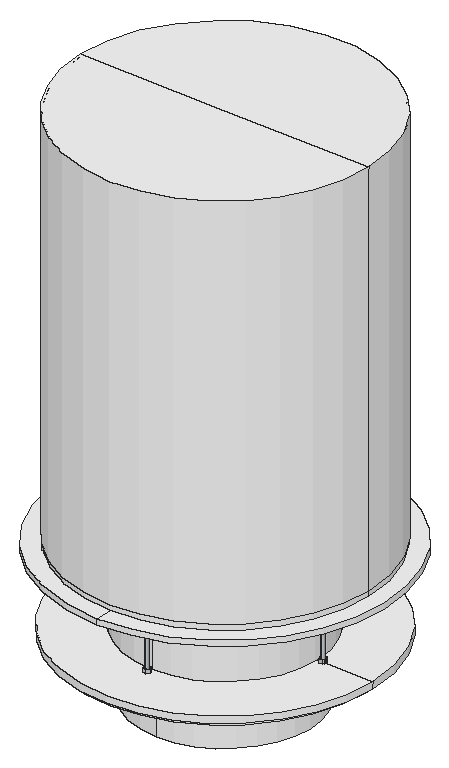
Revit family "R1200-JD-G18H-W31P-16.5L", category Plumbing Fixtures, host Face, Revit 2018
Family settings
  Host = Face
  Round Connector Dimension = Use Radius
  Part Type = Normal
  Cut with Voids When Loaded = No
  Shared = No
  Room Calculation Point = No
Parameters (values of type "R1208-JD-G18H-W31P-16.5L _8" Drain Pipe Size")
  WFU = 0
  URL = "WWW.MIFAB.COM"
  Pipe Radius = Pipe Diameter / 2  # 0' - 4"
  Pipe Diameter = 0' - 8"
  No Hub Standard Height = 0' - 6 1/2"
  Model = "R1208-JD-M-G5H"
  Manufacturer = "MIFAB"
  Floor Drain Material = Paint - Sherwin Williams Paint - #952C2A - Bellwood Red
  Description = "LARGE GREEN ROOF DRAIN WITH STAINLESS STEEL BALLAST GUARD AND PVC PERFORATED STANDPIPE"
  Default Elevation = 0' - 0"
  CWFU = 0
  Bottom Height = 0' - 3 1/2"
  Assembly Code = ""
Types (7): name | Pipe Radius | Pipe Diameter | No Hub Standard Height | Model
  (no name) | 0' - 4" | 0' - 8" | 0' - 6 1/2" | "R1208-JD-M-G5H"
  R1205,6-JD-G18H-W31P-16.5L_6" Drain Pipe Size | 0' - 3" | 0' - 6" | 0' - 6 1/2" | "R1205,6-JD-G18H-W31P-16.5L"
  R1208-JD-G18H-W31P-16.5L _8" Drain Pipe Size | 0' - 4" | 0' - 8" | 0' - 6 1/2" | "R1208-JD-M-G5H"
  R1205,6-JD-G18H-W31P-16.5L_5" Drain Pipe Size | 0' - 2 1/2" | 0' - 5" | 0' - 6 3/4" | "R1205,6-JD-G18H-W31P-16.5L"
  R1202,3,4-JD-G18H-W31P-16.5L_4" Drain Pipe Size | 0' - 2" | 0' - 4" | 0' - 6 1/2" | "R1202,3,4-JD-G18H-W31P-16.5L"
  R1202,3,4-JD-G18H-W31P-16.5L_3" Drain Pipe Size | 0' - 1 1/2" | 0' - 3" | 0' - 6 1/2" | "R1202,3,4-JD-G18H-W31P-16.5L"
  R1202,3,4-JD-G18H-W31P-16.5L _2" Drain Pipe Size | 0' - 1" | 0' - 2" | 0' - 6 1/2" | "R1202,3,4-JD-G18H-W31P-16.5L"
Reference planes (in)
  plane 1 "Center (Front/Back)": y = 0
  plane 2: z = 0
  plane 3 "Center (Left/Right)": x = 0
  plane 4: z = -7.25
  plane 5: z = -3
  plane 6: z = -5
  plane 7: y = -4
  plane 8: y = 4
  plane 9: x = -2.5
  plane 10: x = 2.5
  plane 11: z = 18
  plane 12: x = 7.5
  plane 13: x = -7.5
  plane 14: y = 7.5
  plane 15: y = -7.5
  plane 16: z = -5.14286
  plane 17: z = -0.25
  plane 18: z = -6.5
  plane 19: y = 3.75
  plane 20: y = -3.75
  plane 21: y = 4.8125
  plane 22: y = -4.8125
  plane 23: x = 6.23869
  plane 24: x = 6.75
  plane 25: x = -6.75
  plane 26: z = 16.5
  plane 27: z = -3.5
  plane 28: z = -4.26379
Forms (in)
  Revolve 1, solid, material "Paint - Sherwin Williams Paint - #952C2A - Bellwood Red" <- "Floor Drain Material"
    sketch origin (0, 0.04396, -2.375) x (0, 1, 0) y (0, 0, 1)
      loop
        line (-4.16896, 2.375) -> (-7.54396, 2.375) -> (-7.54396, 2.125) -> (-4.85646, 2.125) -> (-4.85646, 1.375) -> (-4.29396, 1.375) -> (-4.29396, -2.0625) -> (-4.04396, -2.0625) -> (-4.04396, -4.125) -> (-3.79396, -4.125) -> (-3.79396, -1.8125) -> (-3.66896, -1.8125) -> (-3.66896, -0.625) -> (-4.16896, -0.625) -> (-4.16896, 2.375)
      axis (-0.04396, 2.375) -> (-0.04396, -4.125)
    angle from 0 to 360
  Revolve 2, solid, material "Paint - Sherwin Williams Paint - #952C2A - Bellwood Red" <- "Floor Drain Material"
    sketch origin (0, 0, 7.5) x (1, 0, 0) y (0, 0, 1)
      loop
        line (6.75, 10.5) -> (0, 10.5) -> (0, 10.43634) -> (6.68634, 10.43634) -> (6.68634, -7.25) -> (6.75, -7.25) -> (6.75, 10.5)
      axis (0, -7.25) -> (0, 10.5)
    angle from 0 to 360
  Revolve 3, solid, material "Paint - Sherwin Williams Paint - #952C2A - Bellwood Red" <- "Floor Drain Material"
    sketch origin (0, 0, 0) x (1, 0, 0) y (0, 0, 1)
      loop
        line (6.72286, 0) -> (6.72286, 0.25) -> (6.46702, 0.25) -> (6.46702, 0.57791) -> (6.17015, 0.57791) -> (6.17015, 0.25) -> (2.71505, 0.25) -> (2.71505, 0.75) -> (2.30485, 0.75) -> (2.30485, 0.25) -> (2.24434, 0.25) -> (2.24434, 1.38137) -> (2.5, 1.38137) -> (2.5, 4.5) -> (2.24434, 4.5) -> (2.24434, 16.5) -> (2, 16.5) -> (2, 1.90047) -> (0, 1.90047) -> (0, 1.65047) -> (2, 1.65047) -> (2, 0.25) -> (0, 0.25) -> (0, 0) -> (6.72286, 0)
      axis (0, 0) -> (0, 16.5)
    angle from 0 to 360
  Revolve 4, solid, material "Paint - Sherwin Williams Paint - #952C2A - Bellwood Red" <- "Floor Drain Material"
    sketch origin (0, 0, 0) x (1, 0, 0) y (0, 0, 1)
      loop
        line (6.9375, -3.5) -> (4.35041, -3.5) -> (4.35041, -4.01379) -> (5.35041, -4.01379) -> (5.35041, -4.26379) -> (5.85041, -4.26379) -> (5.85041, -4.01379) -> (6.6875, -4.01379) -> (6.6875, -3.80633) -> (6.9375, -3.80633) -> (6.9375, -3.5)
      axis (0, -4.26379) -> (0, -3.5)
    angle from 0 to 360
Lines and regions (in)
  model lines, not visible
    curve 1: line (6.7156, 0, 9.07611) -> (12.5156, 0, 9.07611)
    curve 2: line (12.5156, 0, 9.07611) -> (12.5156, 0, 10.82611)
    curve 3: line (12.5156, 0, 10.82611) -> (6.7156, 0, 10.82611)
    curve 4: line (6.7156, 0, 10.82611) -> (6.7156, 0, 9.07611)
    curve 5: line (7.13163, 0, 10.86539) -> (7.13163, 0, 12.86539)
    curve 6: line (7.13163, 0, 12.86539) -> (15.53163, 0, 12.86539)
    curve 7: line (15.53163, 0, 12.86539) -> (15.53163, 0, 10.86539)
    curve 8: line (11.33163, 0, 12.86539) -> (11.33163, 0, 12.36539)
    curve 9: line (0, 28.52778, -10.8585) -> (0, 28.52778, -8.6085)
    curve 10: line (0, 28.52778, -8.6085) -> (0, 21.02778, -8.6085)
    curve 11: line (0, 21.02778, -8.6085) -> (0, 21.02778, -10.8585)
    curve 12: line (0, 24.77778, -8.6085) -> (0, 24.77778, -9.1085)
    curve 13: line (13.30546, 0, 10.44272) -> (13.30546, 0, 12.69272)
    curve 14: line (13.30546, 0, 12.69272) -> (26.80546, 0, 12.69272)
    curve 15: line (26.80546, 0, 12.69272) -> (26.80546, 0, 10.44272)
    curve 16: line (20.05546, 0, 12.69272) -> (20.05546, 0, 13.19272)
Dimensions and locks (in)
  locked: plane 5 to plane 4 at 4.25
  equal spacing: plane 8, plane 1 "Center (Front/Back)", plane 7
  "Pipe Diameter": plane 8 to plane 7
  "Pipe Radius": plane 1 "Center (Front/Back)" to plane 7
  plane 11 to level = 1' - 6"
  plane 13 to plane 3 "Center (Left/Right)" to plane 12 = 0' - 7 1/2" locked, 0' - 7 1/2" locked
  plane 13 to plane 12 = 1' - 3"  (x3)
  plane 15 to plane 1 "Center (Front/Back)" to plane 14 = 0' - 7 1/2" locked, 0' - 7 1/2" locked
  plane 15 to plane 14 = 1' - 3"
  locked: plane 2 to plane 17 at 0.25
  "No Hub Standard Height": plane 2 to plane 18
  equal spacing: plane 19, plane 1 "Center (Front/Back)", plane 20
  plane 19 to plane 20 = 0' - 7 1/2"
  locked: Revolve 1 sketch curve to plane 15 at 2.6875
  plane 21 to plane 22 = 0' - 9 5/8"
  locked: plane 6 to plane 18 at 1.5
  Revolve 1 sketch curve to plane 22 = 0' - 0 9/16"
  locked: plane 11 to plane 2 at 18
  plane 26 to level = 1' - 4 1/2"
  locked: plane 27 to plane 28 at 0.76379
  "Bottom Height": plane 2 to plane 27
  aligned and locked: plane 2 to host face
  aligned and locked: level to host face
  aligned and locked: Revolve 1 sketch curve to plane 18
  aligned and locked: plane 17 to Revolve 1 sketch curve
  aligned and locked: plane 15 to Revolve 1 sketch curve
  aligned and locked: Revolve 2 sketch curve to plane 11
  aligned and locked: plane 3 "Center (Left/Right)" to Revolve 2 sketch curve
  aligned and locked: plane 27 to Revolve 4 sketch curve
  aligned and locked: plane 28 to Revolve 4 sketch curve
  aligned and locked: plane 1 "Center (Front/Back)" to nested 1
  aligned and locked: nested 1 to Revolve 1
  aligned and locked: nested 2 to Revolve 1
  aligned and locked: nested 3 to Revolve 1
  aligned and locked: nested 4 to Revolve 1
  aligned and locked: nested 2 to plane 1 "Center (Front/Back)"
  aligned and locked: plane 3 "Center (Left/Right)" to nested 4
  aligned and locked: plane 3 "Center (Left/Right)" to nested 3
  aligned and locked: Revolve 3 sketch curve to plane 26
Automatic sketch dimensions
  curve 5 to curve 7 = 0' - 8.4"
  curve 5 to curve 8 = 0' - 4.2"
  curve 5 to curve 5 = 0' - 2"
  curve 7 to curve 6 = 0' - 2"
  curve 8 to curve 8 = 0' - 0 1/2"
  host sketch curve to host sketch curve = 8' - 0"  (x2)
  Revolve 1 sketch curve to plane 5 = 0' - 0"
  Revolve 1 sketch curve to level = 0' - 0"
  plane 20 to Revolve 1 sketch curve = 0' - 0 1/8"
  Revolve 1 sketch curve to plane 7 = 0' - 0"
  Revolve 1 sketch curve to plane 1 "Center (Front/Back)" = 0' - 0"
  Revolve 1 sketch curve to plane 4 = 0' - 0"
  plane 6 to Revolve 1 sketch curve = 0' - 0 9/16"
  Revolve 1 sketch curve to plane 20 = 0' - 0 3/8"
  Revolve 1 sketch curve to plane 7 = 0' - 0 1/4"
  plane 6 to Revolve 1 sketch curve = 0' - 0 13/16"
  Revolve 1 sketch curve to plane 17 = 0' - 0 3/4"
  Revolve 1 sketch curve to plane 5 = 0' - 0 1/4"
  Revolve 2 sketch curve to plane 3 "Center (Left/Right)" = 0' - 0"
  Revolve 2 sketch curve to plane 24 = 0' - 0"
  Revolve 2 sketch curve to plane 26 = 0' - 0"
  level to Revolve 2 sketch curve = 0' - 0 1/4"
  Revolve 2 sketch curve to plane 24 = 0' - 0.06366"
  Revolve 2 sketch curve to plane 26 = 0' - 0 1/2"
  Revolve 2 sketch curve to plane 11 = 0' - 0.06366"
  Revolve 4 sketch curve to plane 3 "Center (Left/Right)" = 0' - 0"
  Revolve 4 sketch curve to plane 10 = 0' - 1.85041"
  Revolve 4 sketch curve to plane 23 = 0' - 0.88828"
  Revolve 4 sketch curve to plane 23 = 0' - 0.38828"
  Revolve 4 sketch curve to plane 24 = 0' - 0 1/16"
  plane 24 to Revolve 4 sketch curve = 0' - 0 3/16"
  Revolve 4 sketch curve to Revolve 4 sketch curve = 0' - 0 1/4"  (x2)
  Revolve 4 sketch curve to Revolve 4 sketch curve = 0' - 0.20746"
  plane 11 to Revolve 4 sketch curve = 0' - 11.79464"
  Revolve 4 sketch curve to Revolve 4 sketch curve = 0' - 2 1/4"
  Revolve 3 sketch curve to plane 3 "Center (Left/Right)" = 0' - 0"  (x3)
  Revolve 3 sketch curve to level = 0' - 0"
  plane 10 to Revolve 3 sketch curve = 0' - 0"
  plane 10 to Revolve 3 sketch curve = 0' - 0 1/2"  (x2)
  level to Revolve 3 sketch curve = 0' - 0 1/4"  (x4)
  Revolve 3 sketch curve to Revolve 3 sketch curve = 0' - 0.24434"  (x2)
  plane 10 to Revolve 3 sketch curve = 0' - 0.19515"
  Revolve 3 sketch curve to plane 10 = 0' - 0.21505"
  Revolve 3 sketch curve to plane 23 = 0' - 0.06854"
  plane 23 to Revolve 3 sketch curve = 0' - 0.22834"
  Revolve 3 sketch curve to plane 24 = 0' - 0.02714"
  Revolve 3 sketch curve to Revolve 3 sketch curve = 0' - 0.32791"
  Revolve 3 sketch curve to Revolve 3 sketch curve = 0' - 0 1/2"
  Revolve 3 sketch curve to Revolve 3 sketch curve = 0' - 0.63137"
  Revolve 3 sketch curve to Revolve 3 sketch curve = 0' - 1.40047"
  Revolve 3 sketch curve to Revolve 3 sketch curve = 0' - 0 1/4"
  Revolve 3 sketch curve to Revolve 3 sketch curve = 1' - 0"
  plane 11 to Revolve 3 sketch curve = 0' - 2.65404"
  Revolve 3 sketch curve to Revolve 3 sketch curve = 0' - 1 3/4"
Nested families (in)
  nested 1: "Bolt1" at (-4.55567, 0, -4.01379), type "Bolt1"
    with Height 0' - 3.01379"
  nested 2: "Bolt1" at (4.58798, 0, -4.01379) x (0, 1, 0) z (0, 0, 1), type "Bolt1"
    with Height 0' - 3.01379"
  nested 3: "Bolt1" at (0, 4.57488, -4.01379) x (0, 1, 0) z (0, 0, 1), type "Bolt1"
    with Height 0' - 3.01379"
  nested 4: "Bolt1" at (0, -4.57063, -4.01379) x (0, 1, 0) z (0, 0, 1), type "Bolt1"
    with Height 0' - 3.01379"
Connectors (in)
  piping at (0, 0, -6.5), diameter 8, driven by "Pipe Radius", driven by "WFU"
    settings: on Revolve 1, index 2, connector inside diameter 2", connector length 0' - 0", flow factor 0, pipe flow 0 GPM, pressure drop 0.00 psi, fitting loss kfactor 0, connector angle 0.00°, fixture units 0, engagement length 0' - 0", angle of deflection 0.00°, flow configuration 3, flow direction 2, fitting loss method 0, system type 16, joint type 0, gender type 0, connector reference index -1, connector utility 0, adjustable connector no, is connector primary yes, connector description "Sanitary Out"
Definition of nested family "Bolt1"
  Parameters (values of type "Bolt1")
    Material = none
    Height [instance] = 1' - 1.38583"
    Default Elevation = 4' - 0"
  Reference planes (in)
    plane 1 "Center (Front/Back)": y = 0
    plane 2: z = 0
    plane 3 "Center (Left/Right)": x = 0
    plane 4: z = 13.38583
    plane 5: z = 0.51562
    plane 6: z = 0.67452
  Forms (in)
    Extrusion 1, solid
      sketch origin (0, 0, 0) x (1, 0, 0) y (0, 1, 0)
        loop
          line (-48, 48) -> (-48, -48) -> (48, -48) -> (48, 48) -> (-48, 48)
      from 0 to -12
    Revolve 2, solid, material <- "Material"
      sketch origin (0, 0, 0) x (1, 0, 0) y (0, 0, 1)
        loop
          line (0, 13.38583) -> (0, -0.33562) -> (0.11073, -0.33562) -> (0.11073, -0.09843) -> (0.20961, -0.09843) -> (0.20961, 0) -> (0.07382, 0) -> (0.07382, 12.93209) -> (0.11234, 12.93209)
          arc (0.11234, 12.93209) -> (0.14919, 12.94735) -> (0.16446, 12.9842) r 0.05211
          line (0.16446, 12.9842) -> (0.16446, 13.38583) -> (0, 13.38583)
        axis (0, -0.33562) -> (0, 13.38583)
      angle from 0 to 360
    Extrusion 3, solid, material <- "Material"
      sketch origin (0, 0, 0) x (1, 0, 0) y (0, 1, 0)
        loop
          line (0, 0.16446) -> (-0.14242, 0.08223) -> (-0.14242, -0.08223) -> (0, -0.16446) -> (0.14242, -0.08223) -> (0.14242, 0.08223) -> (0, 0.16446)
      from 0.51562 to 0.67452
  Dimensions and locks (in)
    "Height": plane 4 to plane 2
    aligned and locked: plane 2 to Extrusion 1
    aligned and locked: level to Extrusion 1
    aligned and locked: Revolve 2 sketch curve to plane 3 "Center (Left/Right)"
    aligned and locked: Extrusion 1 to Revolve 2 sketch curve
    aligned and locked: Extrusion 3 to plane 5
    aligned and locked: plane 6 to Extrusion 3
  Automatic sketch dimensions
    Extrusion 1 sketch curve to Extrusion 1 sketch curve = 8' - 0"  (x2)
    Revolve 2 sketch curve to plane 3 "Center (Left/Right)" = 0' - 0"
    Revolve 2 sketch curve to plane 4 = 0' - 0"
    plane 3 "Center (Left/Right)" to Revolve 2 sketch curve = 0' - 0.07382"
    Revolve 2 sketch curve to Revolve 2 sketch curve = 0' - 0.11073"
    Revolve 2 sketch curve to Revolve 2 sketch curve = 0' - 0.03852"
    plane 3 "Center (Left/Right)" to Revolve 2 sketch curve = 0' - 0.16446"
    Revolve 2 sketch curve to Revolve 2 sketch curve = 0' - 0.13579"
    Revolve 2 sketch curve to level = 0' - 0.09843"
    Revolve 2 sketch curve to Revolve 2 sketch curve = 0' - 0.23719"
    Revolve 2 sketch curve to plane 4 = 0' - 0.45374"
    Revolve 2 sketch curve to Revolve 2 sketch curve = 0' - 5.38878"
    Revolve 2 sketch curve to Revolve 2 sketch curve = 0' - 5.51181"
